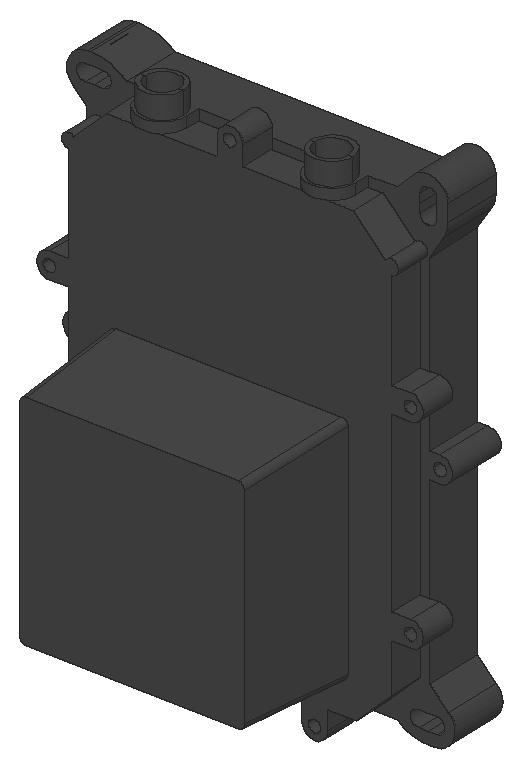
Revit family "09450170", category Plumbing Fixtures, Revit 2018
Family settings
  Round Connector Dimension = Use Diameter
  Part Type = Normal
  OmniClass Number = 23.45.55.11
  OmniClass Title = Sanitary Components
  Work Plane-Based = No
  Always vertical = Yes
  Cut with Voids When Loaded = No
  Shared = No
  Room Calculation Point = No
Parameters (values of type "09450170 Body for urinal flusher ")
  WorkingPressure = "50 - 1000 kPa"
  Working Pressure = "50 - 1000 kPa"
  WarrantyStartDate [instance] = "n/a"
  WarrantyGuarantorParts = "n/a"
  WarrantyGuarantorLabor = "n/a"
  WarrantyDurationUnit = "Year"
  WarrantyDurationParts = "n/a"
  WarrantyDurationLabor = "n/a"
  WarrantyDescription = "http://warranty.hansa.com"
  Warranty Information URL = "http://warranty.hansa.com"
  VersionDate = "01/07/2022"
  Version = "4"  # constant formula
  ValvePattern = "n/a"
  ValveOperation = "n/a"
  ValveMechanism = "n/a"
  Uniclass2015Reference = "Pr_65_52_61_15"
  Uniclass2015Description = "Concealed intumescent pipe collars"
  Uniclass2 = "Pr_65_52_61_15"
  URL REACH = "http://static.hansa.com/doc/reach"
  URL Declaration of Conformity = "http://static.hansa.com/DoC/09450170"
  URL = ""
  UNSPSC Class Number = "30181702 Faucet unit"
  TrimKitVisibility [instance] = yes
  TestPressure = "n/a"
  Technical DataSheet URL = "http://www.hansa.com/datasheet/09450170/en"
  TagNumber [instance] = "n/a"
  SustainabilityPerformance = "n/a"
  Size = "185x102x247 mm"
  Shape = "Sculptured"
  SerialNumber [instance] = "n/a"
  Sales Package dimensions (LxWxH) = "435 x 270 x 125"
  Revision = "4"  # constant formula
  ReplacementCost = "n/a"
  ProductInformation = "n/a"
  Product URL = "http://static.hansa.com/09450170"
  Product Image URL = "http://static.hansa.com/image/09450170"
  Product Family = "HANSAELECTRA "
  Product Code = "09450170"
  Pressure Loss With Flow 02ls = 65000.0 Pa
  OperatingMechanismMaterial = "n/a"
  NotTrimKitVisibility [instance] = not(TrimKitVisibility)  # no
  NominalWidth = 185 mm
  NominalHeight = 247 mm
  NominalDepth [instance] = if(TrimKitVisibility, 102 mm, 45 mm)  # 102 mm
  Name_en = "09450170 Body for urinal flusher"
  Name = "09450170 Body for urinal flusher"
  NBSReference = "45-35-70/315"
  NBSDescription = "Water supply fittings for baths"
  ModelReference = "09450170"
  ModelNumber = "n/a"
  Model = "09450170 Body for urinal flusher"
  Mobile Product Information URL = "http://mpi.hansa.com/09450170"
  Mechanical Parts = "Litter filter(s)"
  Max. Hot Water Supply = 70 °C
  Material = "Brass"
  Market = "International;Germany;Austria;Belgium;Netherlands;France;Czech Republic;Slovakia;Italy;Spain"
  ManufacturerURL = "http://www.hansa.com"
  ManufacturerName = "HANSA"
  Manufacturer = "HANSA"
  Interactive AR View URL = "https://static.hansa.com/AR/09450170"
  InstallationDate [instance] = "n/a"
  Installation and Maintenance Guide URL = "http://static.hansa.com/manual/09450170"
  Installation Type = "Concealed wall mounting"
  Installation Depth = "58 - 88 mm"
  InletConnectionSize = 20 mm
  IfcExportType = "FAUCET"  # constant formula
  IfcExportAs = "IfcValveType"  # constant formula
  Group = "Urinal flusher"
  Grade = "n/a"
  FlowCoefficient = 0
  Flow Rate At 300kPa = 0.44 L/s
  Flow Drawing URL = "http://static.hansa.com/flowchart/09450170"
  Finish = "Polished"
  Features = "Concealed unit"
  FDV Document URL = "http://www.hansa.com/datasheet/09450170/en/fdv"
  ExpectedLife = "n/a"
  ETIM Class Number = "EC010546 Mechanical control system for shower"
  EAN Number = "4015474277373"
  DurationUnit = "Year"
  Dimension Drawing URL = "http://static.hansa.com/dimdrw/09450170"
  Description = ""
  DefaultElevation [instance] = 900 mm
  Constituents = "n/a"
  Connection Size = "G1/2"
  Connection = "Direct connection;External thread;with integrated shut-off valve(s)"
  Concealed Parts = "Gasket sleeve for dry mortarless construction;Mounting box and cover sleeve"
  Color = "Black"
  CodePerformance = "n/a"
  CloseOffRating = 0
  Category = "Public & Semi-public"
  Catalog Drawing URL = "http://static.hansa.com/catdrw/09450170"
  Brand = "HANSA"
  BodyMaterial = "Brass"
  BaseunitMainMaterial = Brass
  Barcode [instance] = "n/a"
  BIMObjectName = "09450170"
  Author = "BIMStone"
  AssetType = "Fixed"
  AssetIdentifier [instance] = "n/a"
  Additional Features = "protected against back-flow in domestic use (according to DIN EN 1717)"
  AccessibilityPerformance = "n/a"
  3D View = "https://static.hansa.com/3D/09450170"
  2D/3D/BIM Files URL = "http://static.hansa.com/bim/09450170"
Reference planes
  plane 1 "Center (Front/Back)": y = 0
  plane 2: z = 0
  plane 3 "Center (Left/Right)": x = 0
  plane 4: x = -92.5
  plane 5: z = 900
  plane 6: y = -102
  plane 7: x = 92.5
  plane 8: z = 1147
Dimensions and locks
  "DefaultElevation": plane 5 to level
  "NominalDepth": plane 6 to plane 1 "Center (Front/Back)"
  "NominalHeight": plane 8 to plane 5
  equal spacing: plane 4, plane 3 "Center (Left/Right)", plane 7
  "NominalWidth": plane 4 to plane 7
  aligned and locked: level to plane 2
  aligned and locked: nested 2 to plane 5
  aligned and locked: plane 5 to nested 3
Nested families
  nested 1: "Symbol" at (0, 0, 0), type "Symbol", detail levels coarse
  nested 2: "09450170_fine" at (0, 0, 900), Material <- "BaseunitMainMaterial", TrimKitVisibility <- "TrimKitVisibility", NotTrimKitVisibility <- "NotTrimKitVisibility", type "09450170_fine"
    with TrimKitVisibility yes, NotTrimKitVisibility no, Material Brass
  nested 3: "09450170_medium" at (0, 0, 900), Material <- "BaseunitMainMaterial", TrimKitVisibility <- "TrimKitVisibility", type "09450170_medium"
    with TrimKitVisibility yes, Material Brass
Connectors
  piping at (-92.5, -36.492, 986.434), diameter 20, driven by "InletConnectionSize"
    settings: on nested 2, index 1, connector inside diameter 609.6 mm, connector length 0 mm, flow factor 0, pipe flow 0.44 L/s, pressure drop 0.0 Pa, fitting loss kfactor 0, connector angle 0.00°, fixture units 0, engagement length 0 mm, angle of deflection 0.00°, flow configuration 1, flow direction 1, fitting loss method 0, system type 16, joint type 0, gender type 0, connector reference index -1, connector utility 0, adjustable connector no, is connector primary yes, connector description ""
  piping at (0, -36.5, 900), diameter 20, driven by "InletConnectionSize"
    settings: on nested 2, index 2, connector inside diameter 609.6 mm, connector length 0 mm, flow factor 0, pipe flow 0.44 L/s, pressure drop 0.0 Pa, fitting loss kfactor 0, connector angle 0.00°, fixture units 0, engagement length 0 mm, angle of deflection 0.00°, flow configuration 1, flow direction 2, fitting loss method 0, system type 16, joint type 0, gender type 0, connector reference index -1, connector utility 0, adjustable connector no, is connector primary no, connector description ""
Definition of nested family "09450170_fine"
  Parameters (values of type "09450170_fine")
    TrimKitVisibility [instance] = yes
    NotTrimKitVisibility [instance] = yes
    Material [instance] = none
  Reference planes
    plane 1 "Center (Front/Back)": y = 0
    plane 2: z = 0
    plane 3 "Center (Left/Right)": x = 0
    plane 4: x = 92.5
    plane 5: x = -92.5
    plane 6: z = 246.969
    plane 7: y = -102
  Forms (mm)
    Extrusion 1, solid, detail levels fine
      sketch origin (0, 0, -44.217) x (1, 0, 0) y (0, 0, 1)
        loop
          line (-81.419, 263.672) -> (-81.419, 174.468) -> (-86.419, 174.468)
          arc (-86.419, 174.468) -> (-92.5, 168.386) -> (-86.419, 162.305) r 6.081
          line (-86.419, 162.305) -> (-81.419, 162.305) -> (-81.419, 76.357) -> (-84.79, 70.25)
          arc (-84.79, 70.25) -> (-87.222, 64.135) -> (-88.05, 57.606) r 26.159
          line (-88.05, 57.606) -> (-88.05, 56.251)
          arc (-88.05, 56.251) -> (-81.876, 47.012) -> (-70.978, 49.18) r 10
          line (-70.978, 49.18) -> (-64.697, 55.461) -> (0, 55.461) -> (65.268, 55.461)
          arc (65.268, 55.461) -> (72.765, 51.47) -> (81.145, 50.092) r 26.159
          line (81.145, 50.092) -> (82.5, 50.092)
          arc (82.5, 50.092) -> (91.739, 56.265) -> (89.571, 67.163) r 10
          line (89.571, 67.163) -> (80.5, 76.234) -> (80.5, 162.305) -> (85.5, 162.305)
          arc (85.5, 162.305) -> (91.581, 168.386) -> (85.5, 174.468) r 6.081
          line (85.5, 174.468) -> (80.5, 174.468) -> (80.5, 256.292) -> (87.082, 266.825)
          arc (87.082, 266.825) -> (88.605, 270.245) -> (89.126, 273.952) r 13.45
          line (89.126, 273.952) -> (89.126, 282.04)
          arc (89.126, 282.04) -> (83.371, 290.652) -> (73.211, 288.632) r 9.322
          line (73.211, 288.632) -> (65.308, 280.728) -> (-62.251, 280.728)
          arc (-62.251, 280.728) -> (-70.199, 285.4) -> (-79.274, 287.024) r 26.159
          line (-79.274, 287.024) -> (-80.629, 287.024)
          arc (-80.629, 287.024) -> (-89.868, 280.851) -> (-87.7, 269.953) r 10
          line (-87.7, 269.953) -> (-81.419, 263.672)
        loop
          line (-82.515, 59) -> (-82.515, 54.9)
          arc (-82.515, 54.9) -> (-78.507, 50.891) -> (-74.499, 54.9) r 4.008
          line (-74.499, 54.9) -> (-74.499, 59) -> (-74.499, 63.326)
          arc (-74.499, 63.326) -> (-78.507, 67.334) -> (-82.515, 63.326) r 4.008
          line (-82.515, 63.326) -> (-82.515, 59)
        loop
          line (-77.88, 281.49) -> (-81.98, 281.49)
          arc (-81.98, 281.49) -> (-85.988, 277.482) -> (-81.98, 273.474) r 4.008
          line (-81.98, 273.474) -> (-77.88, 273.474) -> (-73.554, 273.474)
          arc (-73.554, 273.474) -> (-69.546, 277.482) -> (-73.554, 281.49) r 4.008
          line (-73.554, 281.49) -> (-77.88, 281.49)
        loop
          line (84.131, 277.958) -> (84.131, 282.058)
          arc (84.131, 282.058) -> (80.123, 286.067) -> (76.115, 282.058) r 4.008
          line (76.115, 282.058) -> (76.115, 277.958) -> (76.115, 273.633)
          arc (76.115, 273.633) -> (80.123, 269.624) -> (84.131, 273.633) r 4.008
          line (84.131, 273.633) -> (84.131, 277.958)
        loop
          line (79.751, 55.626) -> (83.851, 55.626)
          arc (83.851, 55.626) -> (87.86, 59.634) -> (83.851, 63.643) r 4.008
          line (83.851, 63.643) -> (79.751, 63.643) -> (75.425, 63.643)
          arc (75.425, 63.643) -> (71.417, 59.634) -> (75.425, 55.626) r 4.008
          line (75.425, 55.626) -> (79.751, 55.626)
        loop
          circle (-86.419, 168.386) r 3
        loop
          circle (85.5, 168.386) r 3
      from 0 to 28
    Extrusion 2, solid, detail levels fine
      sketch origin (0, 0, -44.217) x (1, 0, 0) y (0, 0, 1)
        loop
          line (-76.053, 76.995) -> (-59.581, 60.523) -> (-45.996, 60.523) -> (-45.996, 51.346)
          arc (-45.996, 51.346) -> (-40, 45.349) -> (-34.004, 51.346) r 5.996
          line (-34.004, 51.346) -> (-34.004, 60.523) -> (34.004, 60.523) -> (34.004, 51.346)
          arc (34.004, 51.346) -> (40, 45.349) -> (45.996, 51.346) r 5.996
          line (45.996, 51.346) -> (45.996, 60.523) -> (59.581, 60.523) -> (76.053, 76.995) -> (76.053, 100.241) -> (85.231, 100.241)
          arc (85.231, 100.241) -> (91.227, 106.238) -> (85.231, 112.234) r 5.996
          line (85.231, 112.234) -> (76.053, 112.234) -> (76.053, 196.129) -> (85.223, 196.129)
          arc (85.223, 196.129) -> (91.219, 202.126) -> (85.223, 208.122) r 5.996
          line (85.223, 208.122) -> (76.053, 208.122) -> (76.053, 254.771)
          arc (76.053, 254.771) -> (79.173, 259.44) -> (73.665, 260.536) r 3.377
          line (73.665, 260.536) -> (58.388, 275.813) -> (5.996, 275.813) -> (5.996, 284.99)
          arc (5.996, 284.99) -> (0, 290.987) -> (-5.996, 284.99) r 5.996
          line (-5.996, 284.99) -> (-5.996, 275.813) -> (-58.388, 275.813) -> (-73.665, 260.536)
          arc (-73.665, 260.536) -> (-79.173, 259.44) -> (-76.053, 254.771) r 3.377
          line (-76.053, 254.771) -> (-76.053, 208.122) -> (-85.223, 208.122)
          arc (-85.223, 208.122) -> (-91.219, 202.126) -> (-85.223, 196.129) r 5.996
          line (-85.223, 196.129) -> (-76.053, 196.129) -> (-76.053, 112.234) -> (-85.231, 112.234)
          arc (-85.231, 112.234) -> (-91.227, 106.238) -> (-85.231, 100.241) r 5.996
          line (-85.231, 100.241) -> (-76.053, 100.241) -> (-76.053, 76.995)
        loop
          circle (-85.231, 106.238) r 3
        loop
          circle (0, 284.99) r 3
        loop
          circle (-85.231, 202.126) r 3
        loop
          circle (-40, 51.346) r 3
        loop
          circle (40, 51.346) r 3
        loop
          circle (85.231, 106.238) r 3
        loop
          circle (85.231, 202.126) r 3
      from 28 to 45
    Blend 3, solid, visible <- "TrimKitVisibility", detail levels fine
      base sketch origin (0, 0, -44.217) x (1, 0, 0) y (0, 0, 1)
        loop
          line (-56.494, 183.49) -> (-56.494, 78.626)
          arc (-56.494, 78.626) -> (-55.615, 76.505) -> (-53.494, 75.626) r 3
          line (-53.494, 75.626) -> (52.5, 75.626)
          arc (52.5, 75.626) -> (54.621, 76.505) -> (55.5, 78.626) r 3
          line (55.5, 78.626) -> (55.5, 183.49)
          arc (55.5, 183.49) -> (54.621, 185.612) -> (52.5, 186.49) r 3
          line (52.5, 186.49) -> (-53.494, 186.49)
          arc (-53.494, 186.49) -> (-55.615, 185.612) -> (-56.494, 183.49) r 3
      top sketch origin (0, 0, -44.217) x (1, 0, 0) y (0, 0, 1)
        loop
          line (49.5, 183.49) -> (-50.494, 183.49)
          arc (-50.494, 183.49) -> (-52.615, 182.612) -> (-53.494, 180.49) r 3
          line (-53.494, 180.49) -> (-53.494, 81.626)
          arc (-53.494, 81.626) -> (-52.615, 79.505) -> (-50.494, 78.626) r 3
          line (-50.494, 78.626) -> (49.5, 78.626)
          arc (49.5, 78.626) -> (51.621, 79.505) -> (52.5, 81.626) r 3
          line (52.5, 81.626) -> (52.5, 180.49)
          arc (52.5, 180.49) -> (51.621, 182.612) -> (49.5, 183.49) r 3
      from 45 to 102
    Extrusion 4, solid, material <- "Material", visible <- "TrimKitVisibility", detail levels coarse
      sketch origin (0, 0, 0) x (1, 0, 0) y (0, 1, 0)
        loop
          line (-92.5, -102) -> (92.5, -102) -> (92.5, 0) -> (-92.5, 0) -> (-92.5, -102)
      from 0 to 246.969
    Revolve 5, solid, material <- "Material", detail levels fine
      sketch origin (0, 0, 0) x (0, 1, 0) y (0, 0, 1)
        loop
          line (-44.5, 0) -> (-44.5, 13.555) -> (-46.5, 13.555) -> (-46.5, 0) -> (-44.5, 0)
        axis (-36.5, 13.555) -> (-36.5, 0)
      angle from 0 to 360
    Revolve 6, solid, material <- "Material", detail levels fine
      sketch origin (0, -36.492, 0) x (1, 0, 0) y (0, 0, 1)
        loop
          line (-92.5, 76.434) -> (-76.053, 76.434) -> (-76.053, 78.434) -> (-92.5, 78.434) -> (-92.5, 76.434)
        axis (-92.5, 86.434) -> (-76.053, 86.434)
      angle from 0 to 360
    Extrusion 7, solid, detail levels fine
      sketch origin (0, 0, 0) x (1, 0, 0) y (0, 1, 0)
        loop
          arc (0, -48) -> (8.132, -44.632) -> (11.5, -36.5) r 11.5
          line (11.5, -36.5) -> (11.5, -16.5) -> (-11.5, -16.5) -> (-11.5, -36.5)
          arc (-11.5, -36.5) -> (-8.132, -44.632) -> (0, -48) r 11.5
      from 11.244 to 16.306
    Extrusion 8, solid, detail levels fine
      sketch origin (0, 0, 0) x (0, 1, 0) y (0, 0, 1)
        loop
          line (-36.492, 74.934) -> (-21.492, 74.934) -> (-21.492, 97.934) -> (-36.492, 97.934)
          arc (-36.492, 97.934) -> (-47.992, 86.434) -> (-36.492, 74.934) r 11.5
      from -81.419 to -76.053
    Revolve 9, solid, detail levels fine
      sketch origin (-7.8, -35, 0) x (1, 0, 0) y (0, 0, 1)
        loop
          line (-22.192, 231.596) -> (-22.192, 246.969) -> (-24.192, 246.969) -> (-24.192, 231.596) -> (-22.192, 231.596)
        axis (-32.192, 246.969) -> (-32.192, 231.596)
      angle from 0 to 360
    Extrusion 10, solid, detail levels fine
      sketch origin (-7.8, 0, 0) x (1, 0, 0) y (0, 1, 0)
        loop
          line (-20.692, -35) -> (-20.692, -18.907) -> (-43.692, -18.907) -> (-43.692, -35)
          arc (-43.692, -35) -> (-32.192, -46.5) -> (-20.692, -35) r 11.5
      from 231.596 to 236.511
    Revolve 11, solid, detail levels fine
      sketch origin (7.8, -35, 0) x (-1, 0, 0) y (0, 0, -1)
        loop
          line (-22.192, -231.596) -> (-24.192, -231.596) -> (-24.192, -246.969) -> (-22.192, -246.969) -> (-22.192, -231.596)
        axis (-32.192, -246.969) -> (-32.192, -231.596)
      angle from 0 to 360
    Extrusion 12, solid, detail levels fine
      sketch origin (7.8, 0, 0) x (-1, 0, 0) y (0, -1, 0)
        loop
          arc (-20.692, 35) -> (-32.192, 46.5) -> (-43.692, 35) r 11.5
          line (-43.692, 35) -> (-43.692, 18.907) -> (-20.692, 18.907) -> (-20.692, 35)
      from 231.596 to 236.511
    Extrusion 13, solid, material <- "Material", visible <- "NotTrimKitVisibility", detail levels coarse
      sketch origin (0, 0, 0) x (1, 0, 0) y (0, 1, 0)
        loop
          line (-92.5, -46.614) -> (92.5, -46.614) -> (92.5, 0) -> (-92.5, 0) -> (-92.5, -46.614)
      from 0 to 246.969
  Cuts and joins
    joined: Extrusion 1, Extrusion 7, Extrusion 8, Revolve 9, Extrusion 10, Revolve 11, Extrusion 12
  Lines and regions (mm)
    symbolic lines, visible <- "TrimKitVisibility", detail levels medium+fine
      curve 1: line (0, -102, 139.274) -> (0, -102, 34.409)
      curve 2: line (0, -102, 34.409) -> (0, -45, 31.409)
      curve 4: line (0, -102, 139.274) -> (0, -45, 142.274)
      curve 121: line (-53.494, -102, 0) -> (52.5, -102, 0)
      curve 122: line (52.5, -102, 0) -> (55.5, -45, 0)
      curve 123: line (-53.494, -102, 0) -> (-56.494, -45, 0)
    symbolic lines, visible <- "TrimKitVisibility", detail levels fine
      curve 3: line (0, -45, 31.409) -> (0, -45, 78.696)
      curve 30: line (-56.494, 0, 34.409) -> (-56.494, 0, 139.274)
      curve 31: line (-53.494, 0, 142.274) -> (52.5, 0, 142.274)
      curve 32: arc (-56.494, 0, 139.274) -> (-55.615, 0, 141.395) -> (-53.494, 0, 142.274) r 3
      curve 47: line (52.5, 0, 31.409) -> (-53.494, 0, 31.409)
      curve 48: arc (-53.494, 0, 31.409) -> (-55.615, 0, 32.288) -> (-56.494, 0, 34.409) r 3
      curve 68: line (55.5, 0, 34.409) -> (55.5, 0, 139.274)
      curve 69: arc (55.5, 0, 139.274) -> (54.621, 0, 141.395) -> (52.5, 0, 142.274) r 3
      curve 78: arc (52.5, 0, 31.409) -> (54.621, 0, 32.288) -> (55.5, 0, 34.409) r 3
      curve 124: line (-56.494, -45, 0) -> (-45.671, -45, 0)
      curve 214: line (0, -45, 94.171) -> (0, -45, 142.274)
      curve 215: arc (0, -45, 78.696) -> (0, -47.992, 86.434) -> (0, -45, 94.171) r 11.5
      curve 232: line (-34.313, -45, 0) -> (34.313, -45, 0)
      curve 236: arc (-45.671, -45, 0) -> (-39.992, -46.5, 0) -> (-34.313, -45, 0) r 11.5
      curve 237: arc (34.313, -45, 0) -> (39.992, -46.5, 0) -> (45.671, -45, 0) r 11.5
      curve 239: line (45.671, -45, 0) -> (55.5, -45, 0)
    symbolic lines, detail levels medium+fine
      curve 5: line (0, -45, 142.274) -> (0, -45, 246.969)
      curve 6: line (0, -45, 246.969) -> (0, 0, 246.969)
      curve 7: line (0, 0, 246.969) -> (0, 0, 2.034)
      curve 8: line (0, 0, 2.034) -> (0, -28, 2.034)
      curve 9: line (0, -28, 2.034) -> (0, -28, 16.306)
      curve 11: line (0, -28, 16.306) -> (0, -28.992, 16.306)
      curve 12: line (0, -45, 16.306) -> (0, -45, 31.409)
      curve 13: line (0, -43.992, 16.306) -> (0, -43.992, 0)
      curve 14: line (0, -43.992, 0) -> (0, -28.992, 0)
      curve 15: line (0, -28.992, 0) -> (0, -28.992, 16.306)
      curve 17: line (0, -43.992, 16.306) -> (0, -45, 16.306)
      curve 24: arc (-80.111, 0, 242.794) -> (-89.765, 0, 236.873) -> (-87.7, 0, 225.737) r 10
      curve 25: arc (-62.251, 0, 236.511) -> (-70.593, 0, 241.325) -> (-80.111, 0, 242.794) r 26.159
      curve 26: line (65.308, 0, 236.511) -> (49.992, 0, 236.511)
      curve 29: line (-87.7, 0, 225.737) -> (-81.419, 0, 219.456)
      curve 35: line (-81.419, 0, 130.251) -> (-86.419, 0, 130.251)
      curve 36: arc (-86.419, 0, 130.251) -> (-92.5, 0, 124.17) -> (-86.419, 0, 118.088) r 6.081
      curve 37: line (-86.419, 0, 118.088) -> (-81.419, 0, 118.088)
      curve 38: line (-81.419, 0, 118.088) -> (-81.419, 0, 96.434)
      curve 40: line (-81.419, 0, 32.14) -> (-84.79, 0, 26.034)
      curve 41: arc (-84.79, 0, 26.034) -> (-87.323, 0, 19.512) -> (-88.036, 0, 12.552) r 26.159
      curve 42: arc (-88.036, 0, 12.552) -> (-82.114, 0, 2.898) -> (-70.978, 0, 4.963) r 10
      curve 43: line (-70.978, 0, 4.963) -> (-64.697, 0, 11.244)
      curve 44: line (-64.697, 0, 11.244) -> (-45.996, 0, 11.244)
      curve 55: line (5.996, 0, 240.773) -> (5.996, 0, 236.511)
      curve 56: arc (-5.996, 0, 240.773) -> (0, 0, 246.77) -> (5.996, 0, 240.773) r 5.996
      curve 63: line (80.5, 0, 212.075) -> (80.5, 0, 197.069)
      curve 64: arc (85.231, 0, 197.069) -> (91.227, 0, 191.073) -> (85.231, 0, 185.076) r 5.996
      curve 72: line (80.5, 0, 130.251) -> (85.5, 0, 130.251)
      curve 73: arc (85.5, 0, 130.251) -> (91.581, 0, 124.17) -> (85.5, 0, 118.088) r 6.081
      curve 74: line (85.5, 0, 118.088) -> (80.5, 0, 118.088)
      curve 75: line (80.5, 0, 118.088) -> (80.5, 0, 68.018)
      curve 79: line (73.211, 0, 244.415) -> (65.308, 0, 236.511)
      curve 80: arc (89.126, 0, 237.823) -> (83.371, 0, 246.436) -> (73.211, 0, 244.415) r 9.322
      curve 81: line (89.126, 0, 229.736) -> (89.126, 0, 237.823)
      curve 82: arc (87.082, 0, 222.608) -> (88.605, 0, 226.028) -> (89.126, 0, 229.736) r 13.45
      curve 83: line (80.5, 0, 212.075) -> (87.082, 0, 222.608)
      curve 90: line (89.571, 0, 22.946) -> (80.5, 0, 32.017)
      curve 91: arc (81.982, 0, 5.889) -> (91.637, 0, 11.811) -> (89.571, 0, 22.946) r 10
      curve 92: arc (65.268, 0, 11.244) -> (73.163, 0, 7.123) -> (81.982, 0, 5.889) r 26.159
      curve 93: line (10, 0, 11.244) -> (34.004, 0, 11.244)
      curve 99: line (-47.5, 0, 0) -> (-32.5, 0, 0)
      curve 100: line (85.231, 0, 185.076) -> (80.5, 0, 185.076)
      curve 101: line (80.5, 0, 197.069) -> (85.231, 0, 197.069)
      curve 102: line (80.5, 0, 185.076) -> (80.5, 0, 163.906)
      curve 104: line (80.5, 0, 151.913) -> (80.5, 0, 130.251)
      curve 105: line (80.5, 0, 56.025) -> (80.5, 0, 32.017)
      curve 106: line (45.996, 0, 11.244) -> (65.268, 0, 11.244)
      curve 107: line (-34.004, 0, 11.244) -> (-10, 0, 11.244)
      curve 108: line (-81.419, 0, 76.434) -> (-81.419, 0, 68.018)
      curve 109: line (-81.419, 0, 219.456) -> (-81.419, 0, 163.906)
      curve 110: line (-5.996, 0, 236.511) -> (-29.992, 0, 236.511)
      curve 111: line (-7.5, 0, 246.969) -> (7.5, 0, 246.969)
      curve 112: line (-5.996, 0, 236.511) -> (-5.996, 0, 240.773)
      curve 114: line (-92.5, 0, 0) -> (92.5, 0, 0)
      curve 115: line (-92.5, -28, 0) -> (-92.5, 0, 0)
      curve 116: line (92.5, -28, 0) -> (91.227, -28, 0)
      curve 117: line (92.5, 0, 0) -> (92.5, -28, 0)
      curve 118: line (-91.227, -45, 0) -> (-91.227, -28, 0)
      curve 119: line (-91.227, -45, 0) -> (-56.494, -45, 0)
      curve 120: line (91.227, -45, 0) -> (91.227, -28, 0)
      curve 125: line (55.5, -45, 0) -> (91.227, -45, 0)
      curve 127: line (-91.227, -28, 0) -> (-92.5, -28, 0)
      curve 130: line (-85.231, 0, 56.025) -> (-81.419, 0, 56.025)
      curve 131: arc (-85.231, 0, 68.018) -> (-91.227, 0, 62.021) -> (-85.231, 0, 56.025) r 5.996
      curve 136: arc (85.231, 0, 56.025) -> (91.227, 0, 62.021) -> (85.231, 0, 68.018) r 5.996
      curve 139: line (85.231, 0, 68.018) -> (80.5, 0, 68.018)
      curve 140: line (-92.5, 0, 76.434) -> (-92.5, 0, 96.434)
      curve 141: line (-92.5, 0, 96.434) -> (-81.419, 0, 96.434)
      curve 142: line (-92.5, 0, 76.434) -> (-81.419, 0, 76.434)
      curve 143: line (-10, 0, 0) -> (-10, 0, 11.244)
      curve 144: line (-10, 0, 0) -> (10, 0, 0)
      curve 145: line (10, 0, 0) -> (10, 0, 11.244)
      curve 147: arc (-45.996, 0, 7.129) -> (-40, 0, 1.132) -> (-34.004, 0, 7.129) r 5.996
      curve 150: line (-34.004, 0, 7.129) -> (-34.004, 0, 11.244)
      curve 152: arc (34.004, 0, 7.129) -> (40, 0, 1.132) -> (45.996, 0, 7.129) r 5.996
      curve 155: line (45.996, 0, 7.129) -> (45.996, 0, 11.244)
      curve 156: line (-85.223, 0, 151.913) -> (-81.419, 0, 151.913)
      curve 157: arc (-85.223, 0, 163.906) -> (-91.219, 0, 157.909) -> (-85.223, 0, 151.913) r 5.996
      curve 162: arc (85.223, 0, 151.913) -> (91.219, 0, 157.909) -> (85.223, 0, 163.906) r 5.996
      curve 167: line (85.223, 0, 163.906) -> (80.5, 0, 163.906)
      curve 169: line (-81.419, 0, 68.018) -> (-85.231, 0, 68.018)
      curve 170: line (-81.419, 0, 56.025) -> (-81.419, 0, 32.14)
      curve 174: line (-45.996, 0, 11.244) -> (-45.996, 0, 7.129)
      curve 176: line (34.004, 0, 11.244) -> (34.004, 0, 7.129)
      curve 178: line (80.5, 0, 56.025) -> (85.231, 0, 56.025)
      curve 180: line (-81.419, 0, 151.913) -> (-81.419, 0, 130.251)
      curve 182: line (-81.419, 0, 163.906) -> (-85.223, 0, 163.906)
      curve 184: line (80.5, 0, 151.913) -> (85.223, 0, 151.913)
      curve 197: line (-29.992, 0, 246.969) -> (-29.992, 0, 236.511)
      curve 198: line (-49.992, 0, 246.969) -> (-49.992, 0, 236.511)
      curve 199: line (-49.992, 0, 246.969) -> (-29.992, 0, 246.969)
      curve 202: line (29.992, 0, 246.969) -> (29.992, 0, 236.511)
      curve 203: line (49.992, 0, 246.969) -> (49.992, 0, 236.511)
      curve 204: line (49.992, 0, 246.969) -> (29.992, 0, 246.969)
      curve 205: line (-49.992, 0, 236.511) -> (-62.251, 0, 236.511)
      curve 207: line (29.992, 0, 236.511) -> (5.996, 0, 236.511)
    symbolic lines, detail levels fine
      curve 10: line (0, -28, 16.306) -> (0, -28, 74.934)
      curve 16: line (0, -28.992, 16.306) -> (0, -43.992, 16.306)
      curve 18: arc (-81.98, 0, 229.257) -> (-85.988, 0, 233.265) -> (-81.98, 0, 237.274) r 4.008
      curve 19: line (-81.98, 0, 237.274) -> (-77.88, 0, 237.274)
      curve 20: line (-77.88, 0, 237.274) -> (-73.554, 0, 237.274)
      curve 21: arc (-73.554, 0, 237.274) -> (-69.546, 0, 233.265) -> (-73.554, 0, 229.257) r 4.008
      curve 22: line (-73.554, 0, 229.257) -> (-77.88, 0, 229.257)
      curve 23: line (-77.88, 0, 229.257) -> (-81.98, 0, 229.257)
      curve 27: line (-58.388, 0, 231.596) -> (-73.665, 0, 216.319)
      curve 28: line (-76.053, 0, 210.554) -> (-76.053, 0, 96.434)
      curve 33: arc (-83.419, 0, 124.17) -> (-86.419, 0, 121.17) -> (-89.419, 0, 124.17) r 3
      curve 34: arc (-89.419, 0, 124.17) -> (-86.419, 0, 127.17) -> (-83.419, 0, 124.17) r 3
      curve 39: line (-76.053, 0, 96.434) -> (-76.053, 0, 68.018)
      curve 45: line (-76.053, 0, 32.778) -> (-59.581, 0, 16.306)
      curve 46: line (-59.581, 0, 16.306) -> (-45.996, 0, 16.306)
      curve 49: line (-82.515, 0, 10.683) -> (-82.515, 0, 14.783)
      curve 50: line (-82.515, 0, 14.783) -> (-82.515, 0, 19.109)
      curve 51: arc (-82.515, 0, 19.109) -> (-78.507, 0, 23.117) -> (-74.499, 0, 19.109) r 4.008
      curve 52: line (-74.499, 0, 19.109) -> (-74.499, 0, 14.783)
      curve 53: line (-74.499, 0, 14.783) -> (-74.499, 0, 10.683)
      curve 54: arc (-74.499, 0, 10.683) -> (-78.507, 0, 6.675) -> (-82.515, 0, 10.683) r 4.008
      curve 57: line (-5.996, 0, 231.596) -> (-5.996, 0, 236.511)
      curve 58: arc (0, 0, 237.773) -> (3, 0, 240.773) -> (0, 0, 243.773) r 3
      curve 59: arc (0, 0, 243.773) -> (-3, 0, 240.773) -> (0, 0, 237.773) r 3
      curve 60: line (58.388, 0, 231.596) -> (73.665, 0, 216.319)
      curve 61: line (76.053, 0, 210.554) -> (76.053, 0, 197.069)
      curve 62: line (76.053, 0, 197.069) -> (80.5, 0, 197.069)
      curve 65: arc (88.231, 0, 191.073) -> (85.231, 0, 194.073) -> (82.231, 0, 191.073) r 3
      curve 66: arc (82.231, 0, 191.073) -> (85.231, 0, 188.073) -> (88.231, 0, 191.073) r 3
      curve 67: line (76.053, 0, 185.076) -> (76.053, 0, 68.018)
      curve 70: arc (82.5, 0, 124.17) -> (85.5, 0, 121.17) -> (88.5, 0, 124.17) r 3
      curve 71: arc (88.5, 0, 124.17) -> (85.5, 0, 127.17) -> (82.5, 0, 124.17) r 3
      curve 76: line (76.053, 0, 56.025) -> (76.053, 0, 32.778)
      curve 77: line (76.053, 0, 32.778) -> (59.581, 0, 16.306)
      curve 84: arc (84.131, 0, 229.416) -> (80.123, 0, 225.407) -> (76.115, 0, 229.416) r 4.008
      curve 85: line (76.115, 0, 229.416) -> (76.115, 0, 233.741)
      curve 86: line (76.115, 0, 233.741) -> (76.115, 0, 237.842)
      curve 87: arc (76.115, 0, 237.842) -> (80.123, 0, 241.85) -> (84.131, 0, 237.842) r 4.008
      curve 88: line (84.131, 0, 237.842) -> (84.131, 0, 233.741)
      curve 89: line (84.131, 0, 233.741) -> (84.131, 0, 229.416)
      curve 94: line (83.851, 0, 11.409) -> (75.425, 0, 11.409)
      curve 95: arc (83.851, 0, 19.426) -> (87.86, 0, 15.418) -> (83.851, 0, 11.409) r 4.008
      curve 96: line (75.425, 0, 19.426) -> (79.751, 0, 19.426)
      curve 97: arc (75.425, 0, 11.409) -> (71.417, 0, 15.418) -> (75.425, 0, 19.426) r 4.008
      curve 98: line (79.751, 0, 19.426) -> (83.851, 0, 19.426)
      curve 103: line (80.5, 0, 185.076) -> (76.053, 0, 185.076)
      curve 113: line (5.996, 0, 236.511) -> (5.996, 0, 231.596)
      curve 126: line (91.227, -28, 0) -> (51.492, -28, 0)
      curve 128: line (-58.388, 0, 231.596) -> (-5.996, 0, 231.596)
      curve 129: line (5.996, 0, 231.596) -> (58.388, 0, 231.596)
      curve 132: line (-76.053, 0, 68.018) -> (-81.419, 0, 68.018)
      curve 133: arc (-88.231, 0, 62.021) -> (-85.231, 0, 65.021) -> (-82.231, 0, 62.021) r 3
      curve 134: arc (-82.231, 0, 62.021) -> (-85.231, 0, 59.021) -> (-88.231, 0, 62.021) r 3
      curve 135: line (76.053, 0, 56.025) -> (80.5, 0, 56.025)
      curve 137: arc (88.231, 0, 62.021) -> (85.231, 0, 59.021) -> (82.231, 0, 62.021) r 3
      curve 138: arc (82.231, 0, 62.021) -> (85.231, 0, 65.021) -> (88.231, 0, 62.021) r 3
      curve 146: line (-45.996, 0, 16.306) -> (-45.996, 0, 11.244)
      curve 148: arc (-40, 0, 4.129) -> (-43, 0, 7.129) -> (-40, 0, 10.129) r 3
      curve 149: arc (-40, 0, 10.129) -> (-37, 0, 7.129) -> (-40, 0, 4.129) r 3
      curve 151: line (34.004, 0, 16.306) -> (34.004, 0, 11.244)
      curve 153: arc (40, 0, 4.129) -> (37, 0, 7.129) -> (40, 0, 10.129) r 3
      curve 154: arc (40, 0, 10.129) -> (43, 0, 7.129) -> (40, 0, 4.129) r 3
      curve 158: arc (-82.231, 0, 157.909) -> (-85.231, 0, 154.909) -> (-88.231, 0, 157.909) r 3
      curve 159: arc (-88.231, 0, 157.909) -> (-85.231, 0, 160.909) -> (-82.231, 0, 157.909) r 3
      curve 160: line (-76.053, 0, 163.906) -> (-81.419, 0, 163.906)
      curve 161: line (76.053, 0, 151.913) -> (80.5, 0, 151.913)
      curve 163: arc (82.231, 0, 157.909) -> (85.231, 0, 160.909) -> (88.231, 0, 157.909) r 3
      curve 164: arc (88.231, 0, 157.909) -> (85.231, 0, 154.909) -> (82.231, 0, 157.909) r 3
      curve 165: arc (-73.665, 0, 216.319) -> (-79.173, 0, 215.224) -> (-76.053, 0, 210.554) r 3.377
      curve 166: arc (76.053, 0, 210.554) -> (79.173, 0, 215.224) -> (73.665, 0, 216.319) r 3.377
      curve 168: line (-76.053, 0, 56.025) -> (-76.053, 0, 32.778)
      curve 171: line (-81.419, 0, 56.025) -> (-76.053, 0, 56.025)
      curve 172: line (-34.004, 0, 16.306) -> (34.004, 0, 16.306)
      curve 173: line (45.996, 0, 16.306) -> (59.581, 0, 16.306)
      curve 175: line (-34.004, 0, 11.244) -> (-34.004, 0, 16.306)
      curve 177: line (45.996, 0, 11.244) -> (45.996, 0, 16.306)
      curve 179: line (80.5, 0, 68.018) -> (76.053, 0, 68.018)
      curve 181: line (-81.419, 0, 151.913) -> (-76.053, 0, 151.913)
      curve 183: line (80.5, 0, 163.906) -> (76.053, 0, 163.906)
      curve 185: arc (0, -36.492, 76.434) -> (0, -26.492, 86.434) -> (0, -36.492, 96.434) r 10
      curve 186: arc (0, -36.492, 96.434) -> (0, -46.492, 86.434) -> (0, -36.492, 76.434) r 10
      curve 187: arc (0, -36.492, 78.434) -> (0, -28.492, 86.434) -> (0, -36.492, 94.434) r 8
      curve 188: arc (0, -36.492, 94.434) -> (0, -44.492, 86.434) -> (0, -36.492, 78.434) r 8
      curve 189: line (-11.5, 0, 11.244) -> (-11.5, 0, 16.306)
      curve 190: line (11.5, 0, 11.244) -> (11.5, 0, 16.306)
      curve 191: line (-10, 0, 11.244) -> (10, 0, 11.244)
      curve 192: line (-81.419, 0, 96.434) -> (-81.419, 0, 76.434)
      curve 193: line (-81.419, 0, 97.934) -> (-76.053, 0, 97.934)
      curve 194: line (-81.419, 0, 74.934) -> (-76.053, 0, 74.934)
      curve 195: line (-51.492, 0, 236.511) -> (-51.492, 0, 231.596)
      curve 196: line (-28.492, 0, 236.511) -> (-28.492, 0, 231.596)
      curve 200: line (51.492, 0, 236.511) -> (51.492, 0, 231.596)
      curve 201: line (28.492, 0, 236.511) -> (28.492, 0, 231.596)
      curve 206: line (-29.992, 0, 236.511) -> (-49.992, 0, 236.511)
      curve 208: line (49.992, 0, 236.511) -> (29.992, 0, 236.511)
      curve 209: arc (0, -36.492, 74.934) -> (0, -41.144, 75.916) -> (0, -45, 78.696) r 11.5
      curve 210: line (0, -36.492, 97.934) -> (0, -28, 97.934)
      curve 211: line (0, -36.492, 74.934) -> (0, -28, 74.934)
      curve 212: line (0, -28, 97.934) -> (0, -28, 246.969)
      curve 213: arc (0, -45, 94.171) -> (0, -41.144, 96.951) -> (0, -36.492, 97.934) r 11.5
      curve 216: line (-51.492, -28, 0) -> (-51.492, -35, 0)
      curve 217: arc (-51.492, -35, 0) -> (-49.931, -40.785, 0) -> (-45.671, -45, 0) r 11.5
      curve 218: line (-28.492, -35, 0) -> (-28.492, -28, 0)
      curve 219: arc (-29.992, -35, 0) -> (-39.992, -25, 0) -> (-49.992, -35, 0) r 10
      curve 220: arc (-31.992, -35, 0) -> (-39.992, -27, 0) -> (-47.992, -35, 0) r 8
      curve 221: arc (-49.992, -35, 0) -> (-39.992, -45, 0) -> (-29.992, -35, 0) r 10
      curve 222: arc (-47.992, -35, 0) -> (-39.992, -43, 0) -> (-31.992, -35, 0) r 8
      curve 223: line (28.492, -28, 0) -> (28.492, -35, 0)
      curve 224: arc (28.492, -35, 0) -> (30.054, -40.785, 0) -> (34.313, -45, 0) r 11.5
      curve 225: arc (49.992, -35, 0) -> (39.992, -45, 0) -> (29.992, -35, 0) r 10
      curve 226: arc (29.992, -35, 0) -> (39.992, -25, 0) -> (49.992, -35, 0) r 10
      curve 227: arc (31.992, -35, 0) -> (39.992, -27, 0) -> (47.992, -35, 0) r 8
      curve 228: arc (47.992, -35, 0) -> (39.992, -43, 0) -> (31.992, -35, 0) r 8
      curve 229: line (51.492, -35, 0) -> (51.492, -28, 0)
      curve 230: line (-51.492, -28, 0) -> (-91.227, -28, 0)
      curve 231: line (28.492, -28, 0) -> (-28.492, -28, 0)
      curve 238: arc (45.671, -45, 0) -> (49.931, -40.785, 0) -> (51.492, -35, 0) r 11.5
      curve 240: arc (-34.313, -45, 0) -> (-30.054, -40.785, 0) -> (-28.492, -35, 0) r 11.5
    symbolic lines, visible <- "NotTrimKitVisibility", detail levels medium+fine
      curve 233: line (0, -45, 142.274) -> (0, -45, 94.171)
      curve 234: line (0, -45, 31.409) -> (0, -45, 78.696)
      curve 235: arc (0, -45, 94.171) -> (0, -47.992, 86.434) -> (0, -45, 78.696) r 11.5
      curve 241: line (-34.313, -45, 0) -> (34.313, -45, 0)
      curve 242: line (45.671, -45, 0) -> (55.5, -45, 0)
      curve 243: line (-56.494, -45, 0) -> (-45.671, -45, 0)
      curve 244: arc (-45.671, -45, 0) -> (-39.992, -46.5, 0) -> (-34.313, -45, 0) r 11.5
      curve 245: arc (34.313, -45, 0) -> (39.992, -46.5, 0) -> (45.671, -45, 0) r 11.5
  Dimensions and locks
    aligned and locked: level to plane 2
Definition of nested family "Symbol"
  Reference planes
    plane 1: y = 0
    plane 2: x = 0
  Lines and regions (mm)
    detail lines
      curve 1: line (0, 0, 0) -> (0, -1.8, 0)
      curve 2: line (-0.4, -1.1, 0) -> (0.4, -1.1, 0)
      curve 3: line (-0.4, -1.4, 0) -> (0.4, -1.4, 0)
      curve 4: line (0.863, 0, 0) -> (-0.863, 0, 0)
      curve 5: circle (-1.163, 0, 0) r 0.3 normal (0, 0, -1)
      curve 6: circle (1.163, 0, 0) r 0.3 normal (0, 0, 1)
Definition of nested family "09450170_medium"
  Parameters (values of type "09450170_medium")
    TrimKitVisibility [instance] = yes
    Material [instance] = none
  Reference planes
    plane 1 "Center (Front/Back)": y = 0
    plane 2: z = 0
    plane 3 "Center (Left/Right)": x = 0
    plane 4: x = 92.5
    plane 5: x = -92.5
    plane 6: z = 246.969
    plane 7: y = -102
  Forms (mm)
    Extrusion 1, solid, detail levels medium
      sketch origin (0, 0, -44.217) x (1, 0, 0) y (0, 0, 1)
        loop
          line (-81.419, 263.672) -> (-81.419, 174.468) -> (-86.419, 174.468)
          arc (-86.419, 174.468) -> (-92.5, 168.386) -> (-86.419, 162.305) r 6.081
          line (-86.419, 162.305) -> (-81.419, 162.305) -> (-81.419, 76.357) -> (-84.79, 70.25)
          arc (-84.79, 70.25) -> (-87.222, 64.135) -> (-88.05, 57.606) r 26.159
          line (-88.05, 57.606) -> (-88.05, 56.251)
          arc (-88.05, 56.251) -> (-81.876, 47.012) -> (-70.978, 49.18) r 10
          line (-70.978, 49.18) -> (-64.697, 55.461) -> (0, 55.461) -> (65.268, 55.461)
          arc (65.268, 55.461) -> (72.765, 51.47) -> (81.145, 50.092) r 26.159
          line (81.145, 50.092) -> (82.5, 50.092)
          arc (82.5, 50.092) -> (91.739, 56.265) -> (89.571, 67.163) r 10
          line (89.571, 67.163) -> (80.5, 76.234) -> (80.5, 162.305) -> (85.5, 162.305)
          arc (85.5, 162.305) -> (91.581, 168.386) -> (85.5, 174.468) r 6.081
          line (85.5, 174.468) -> (80.5, 174.468) -> (80.5, 256.292) -> (87.082, 266.825)
          arc (87.082, 266.825) -> (88.605, 270.245) -> (89.126, 273.952) r 13.45
          line (89.126, 273.952) -> (89.126, 282.04)
          arc (89.126, 282.04) -> (83.371, 290.652) -> (73.211, 288.632) r 9.322
          line (73.211, 288.632) -> (65.308, 280.728) -> (-62.251, 280.728)
          arc (-62.251, 280.728) -> (-70.199, 285.4) -> (-79.274, 287.024) r 26.159
          line (-79.274, 287.024) -> (-80.629, 287.024)
          arc (-80.629, 287.024) -> (-89.868, 280.851) -> (-87.7, 269.953) r 10
          line (-87.7, 269.953) -> (-81.419, 263.672)
      from 0 to 28
    Extrusion 2, solid, detail levels medium
      sketch origin (0, 0, -44.217) x (1, 0, 0) y (0, 0, 1)
        loop
          line (-76.053, 76.995) -> (-59.581, 60.523) -> (-45.996, 60.523) -> (-45.996, 51.346)
          arc (-45.996, 51.346) -> (-40, 45.349) -> (-34.004, 51.346) r 5.996
          line (-34.004, 51.346) -> (-34.004, 60.523) -> (34.004, 60.523) -> (34.004, 51.346)
          arc (34.004, 51.346) -> (40, 45.349) -> (45.996, 51.346) r 5.996
          line (45.996, 51.346) -> (45.996, 60.523) -> (59.581, 60.523) -> (76.053, 76.995) -> (76.053, 100.241) -> (85.231, 100.241)
          arc (85.231, 100.241) -> (91.227, 106.238) -> (85.231, 112.234) r 5.996
          line (85.231, 112.234) -> (76.053, 112.234) -> (76.053, 196.129) -> (85.223, 196.129)
          arc (85.223, 196.129) -> (91.219, 202.126) -> (85.223, 208.122) r 5.996
          line (85.223, 208.122) -> (76.053, 208.122) -> (76.053, 258.148) -> (58.388, 275.813) -> (5.996, 275.813) -> (5.996, 284.99)
          arc (5.996, 284.99) -> (0, 290.987) -> (-5.996, 284.99) r 5.996
          line (-5.996, 284.99) -> (-5.996, 275.813) -> (-58.388, 275.813) -> (-76.053, 258.148) -> (-76.053, 208.122) -> (-85.223, 208.122)
          arc (-85.223, 208.122) -> (-91.219, 202.126) -> (-85.223, 196.129) r 5.996
          line (-85.223, 196.129) -> (-76.053, 196.129) -> (-76.053, 112.234) -> (-85.231, 112.234)
          arc (-85.231, 112.234) -> (-91.227, 106.238) -> (-85.231, 100.241) r 5.996
          line (-85.231, 100.241) -> (-76.053, 100.241) -> (-76.053, 76.995)
      from 28 to 45
    Blend 3, solid, visible <- "TrimKitVisibility", detail levels medium
      base sketch origin (0, 0, -44.217) x (1, 0, 0) y (0, 0, 1)
        loop
          line (-56.494, 183.49) -> (-56.494, 78.626)
          arc (-56.494, 78.626) -> (-55.615, 76.505) -> (-53.494, 75.626) r 3
          line (-53.494, 75.626) -> (52.5, 75.626)
          arc (52.5, 75.626) -> (54.621, 76.505) -> (55.5, 78.626) r 3
          line (55.5, 78.626) -> (55.5, 183.49)
          arc (55.5, 183.49) -> (54.621, 185.612) -> (52.5, 186.49) r 3
          line (52.5, 186.49) -> (-53.494, 186.49)
          arc (-53.494, 186.49) -> (-55.615, 185.612) -> (-56.494, 183.49) r 3
      top sketch origin (0, 0, -44.217) x (1, 0, 0) y (0, 0, 1)
        loop
          line (49.5, 183.49) -> (-50.494, 183.49)
          arc (-50.494, 183.49) -> (-52.615, 182.612) -> (-53.494, 180.49) r 3
          line (-53.494, 180.49) -> (-53.494, 81.626)
          arc (-53.494, 81.626) -> (-52.615, 79.505) -> (-50.494, 78.626) r 3
          line (-50.494, 78.626) -> (49.5, 78.626)
          arc (49.5, 78.626) -> (51.621, 79.505) -> (52.5, 81.626) r 3
          line (52.5, 81.626) -> (52.5, 180.49)
          arc (52.5, 180.49) -> (51.621, 182.612) -> (49.5, 183.49) r 3
      from 45 to 102
    Revolve 4, solid, material <- "Material", detail levels medium
      sketch origin (0, 0, 0) x (0, 1, 0) y (0, 0, 1)
        loop
          line (-44.5, 0) -> (-44.5, 13.555) -> (-46.5, 13.555) -> (-46.5, 0) -> (-44.5, 0)
        axis (-36.5, 13.555) -> (-36.5, 0)
      angle from 0 to 360
    Revolve 5, solid, material <- "Material", detail levels medium
      sketch origin (0, -36.492, 0) x (1, 0, 0) y (0, 0, 1)
        loop
          line (-92.5, 76.434) -> (-76.053, 76.434) -> (-76.053, 78.434) -> (-92.5, 78.434) -> (-92.5, 76.434)
        axis (-92.5, 86.434) -> (-76.053, 86.434)
      angle from 0 to 360
    Extrusion 6, solid, detail levels medium
      sketch origin (0, 0, 0) x (1, 0, 0) y (0, 1, 0)
        loop
          arc (0, -48) -> (8.132, -44.632) -> (11.5, -36.5) r 11.5
          line (11.5, -36.5) -> (11.5, -16.5) -> (-11.5, -16.5) -> (-11.5, -36.5)
          arc (-11.5, -36.5) -> (-8.132, -44.632) -> (0, -48) r 11.5
      from 11.244 to 16.306
    Extrusion 7, solid, detail levels medium
      sketch origin (0, 0, 0) x (0, 1, 0) y (0, 0, 1)
        loop
          line (-36.492, 74.934) -> (-21.492, 74.934) -> (-21.492, 97.934) -> (-36.492, 97.934)
          arc (-36.492, 97.934) -> (-47.992, 86.434) -> (-36.492, 74.934) r 11.5
      from -81.419 to -76.053
  Cuts and joins
    joined: Extrusion 6, Extrusion 7
  Dimensions and locks
    aligned and locked: level to plane 2
